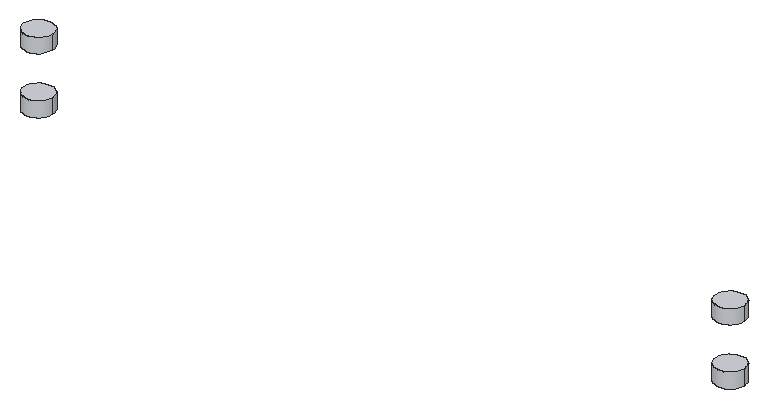
Revit family "QF_BOURGEAT_Transtherm_Four_a_chariot_10GN1_1", category Equipement spécialisé, Revit 2015
Parameters (values of type "891210 + 897500")
  URL catalogue = "http://www.bourgeat.fr/fr/"
  URL = ""
  Type_de_modele = 891210 + 897500 : 891210 + 897500
  Type de Raccord Plomberie = ""
  Type de Raccord Electrique = ""
  Type article = ""
  Tension = 400 V
  Spécification du Fabricant = "TRANS'THERM"
  Remarques Plomberie = "Débit=0.000083L/s"
  Remarques Electricité = ""
  Puissance électrique  = 8700 W
  Profondeur hors tout = 720 mm
  Poids net à vide = 80.00 kg
  Phase = 3
  Nature isolant = "Laine_de_roche(60mm)"
  Modèle = "891210 + 897500"
  Longueur hors tout = 795 mm
  Intensité nominale = 21.75 A
  Indice de protection = "IP25"
  Hauteur hors tout = 1430 mm
  Fréquence = 50 Hz
  Fabricant = "BOURGEAT"
  Débit Eau Adoucie = 0.0 L/s
  Contact SAV = "0033 (0)4.76.32.14.44"
  Consommation énergétique = "6.5Kwh/h"
  Charge max = 40.00 kg
  Certification = "NF alimentaire"
Types (5, lengths in mm): name | Type_de_modele | Modèle
  (no name) | 891210 + 897500 : 891210 + 897500 | "891210 + 897500"
  891210 | 891210 : 891210 | "891210"
  891210 + 897500 | 891210 + 897500 : 891210 + 897500 | "891210 + 897500"
  891910 | 891910 : 891910 | "891910"
  891910 + 897500 | 891910 + 897500 : 891910 + 897500 | "891910 + 897500"
Reference planes
  plane 1 "Centre (avant/arrière)": y = 0
  plane 2: z = 0
  plane 3 "Centre (gauche/droite)": x = 0
Forms (mm)
  Extrusion 1, solid
    sketch origin (0, 0, 0) x (1, 0, 0) y (0, 1, 0)
      loop
        circle (244.5, -80) r 10
      loop
        circle (-244.5, -80) r 10
    from 289.376 to 300
Dimensions and locks
  aligned and locked: level to plane 2
Nested families
  nested 1: "891210 + 897500" at (0, 0, -1), type <- "Type_de_modele", type "891210 + 897500"
Connectors
  piping at (-244.5, -80, 289.376), diameter 609.6
    settings: on Extrusion 1, index 1, connector inside diameter 609.6 mm, connector length 0 mm, flow factor 0, pipe flow 0.0 L/s, pressure drop 0.0 Pa, fitting loss kfactor 0, connector angle 0.00°, fixture units 0, engagement length 0 mm, angle of deflection 0.00°, flow configuration 0, flow direction 2, fitting loss method 0, system type 7, joint type 0, gender type 0, connector reference index -1, connector utility 0, adjustable connector no, is connector primary yes, connector description ""
  electrical at (244.5, -80, 289.376)
    settings: on Extrusion 1, index 2, voltage 0 V, apparent load 0 VA, apparent load phase1 0 VA, apparent load phase2 0 VA, apparent load phase3 0 VA, power factor 1, load classification "Autre", number of poles 1, system type 30, power factor state 1, is connector primary yes, connector utility no, sub classification motor no, connector description ""
Definition of nested family "891210 + 897500"
  Parameters (values of type "891210 + 897500")
    URL_page_produit = "http://www.bourgeat.fr/.fr/"
    URL_fiche_technique = "à venir"
    URL_SAV = "à venir"
    URL = "http://www.bourgeat.fr/.fr/"
    Type_de_raccordement = ""
    Tension = 400 V
    Puissance_electrique = 8700 W
    Protection_appareil = ""
    Profondeur_hors_tout = 720 mm
    Poids = "80Kg"
    Nombre_pole = 1
    Niveau_sonore = ""
    Nature_isolant = "Laine_de_roche(60mm)"
    Model = "Trans'therm"
    Largeur_hors_tout = 795 mm
    Intensite = Puissance_electrique / Tension  # 21.75 A
    Indice_protection = ""
    Hauteur_hors_tout = 1430 mm
    Frequence = "50/60Hz"
    Manufacturer = "BOURGEAT"
    Contact_SAV = "0033(0)4.76.32.14.44"
    Consommation_energetique = "6.5Kwh"
    Code_article = "891210 +897500"
    Classe_energetique = ""
    Classe_climatique = ""
    Charge_maximum = "40Kg"
    Certification = "NF alimentaire"
  Reference planes
    plane 1 "Centre (avant/arrière)": y = 0
    plane 2: z = 0
    plane 3 "Centre (gauche/droite)": x = 0
    plane 4: y = -80
    plane 5: x = 244.5
    plane 6: x = -244.5
    plane 7: z = 341
    plane 8: z = 331
    plane 9: z = 0
    plane 10: x = 0
    plane 11: z = 0
  Forms (mm)
    Extrusion 1, solid
      sketch origin (0, 0, 0) x (1, 0, 0) y (0, 1, 0)
        loop
          circle (-244.5, -80) r 10
        loop
          circle (244.5, -80) r 10
      from 331 to 341
  Lines and regions (mm)
    symbolic lines
      curve 1: line (-395.71, -717.8, 0) -> (-395.71, -1508.8, 0)
      curve 2: arc (-395.71, -1508.8, 0) -> (163.611, -1277.122, 0) -> (395.29, -717.8, 0) r 791
  Dimensions and locks
    plane 4 to plane 1 "Centre (avant/arrière)" = 80 mm
    equal spacing: plane 6, plane 3 "Centre (gauche/droite)", plane 5, locked at 244.5 each
    locked: plane 6 to plane 5 at 489
    locked: plane 7 to plane 2 at 341
    plane 7 to plane 8 = 10 mm
    import instance to plane 10 to import instance = 397.5 mm, 397 mm
    aligned and locked: level to plane 2
    aligned and locked: plane 4 to Extrusion 1 sketch curve  (x2)
    aligned and locked: plane 6 to Extrusion 1 sketch curve
    aligned and locked: plane 5 to Extrusion 1 sketch curve
    aligned and locked: plane 7 to Extrusion 1
    aligned and locked: Extrusion 1 to plane 8
    aligned and locked: plane 2 to plane 9
    aligned and locked: plane 2 to plane 11
    aligned and locked: plane 3 "Centre (gauche/droite)" to plane 10
    aligned and locked: import instance to plane 1 "Centre (avant/arrière)"
  Automatic sketch dimensions
    plane 6 to curve 2 = 151.21 mm
    curve 2 to plane 4 = 637.8 mm
    plane 5 to curve 2 = 150.79 mm
    curve 1 to curve 2 = 0 mm
    radius of Extrusion 1 sketch curve = 10 mm  (x2)
